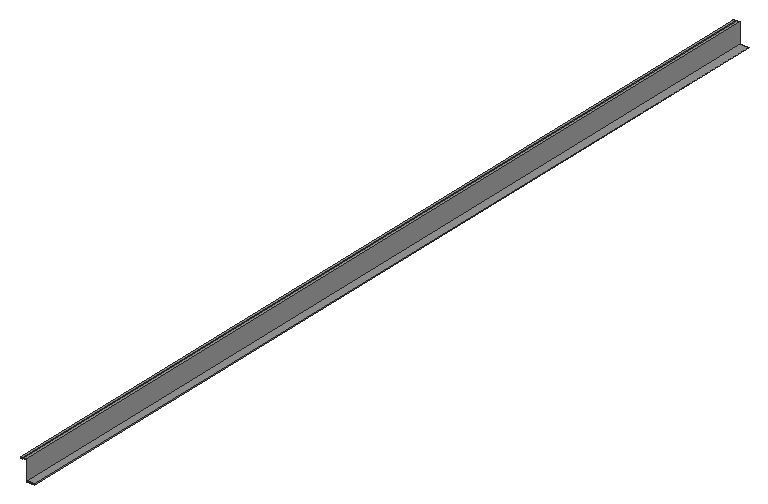
Revit family "Trennwand", category Generic Models, Revit 2017
Family settings
  Can host rebar = No
  Round Connector Dimension = Use Diameter
  Part Type = Normal
  Work Plane-Based = No
  Always vertical = Yes
  Cut with Voids When Loaded = No
  Shared = No
  Room Calculation Point = No
Parameters (values of type "LKM TWS45")
  URL = "http://www.obo-bettermann.com"
  Material = Strip-galvanised
  Manufacturer Art.No. = "6249871"
  Manufacturer = "OBO Bettermann"
  Length = 2000 mm
  Height = 45 mm
  GTIN = "4012196678006"
  Article Type = "LKM TWS45"
Types (3, lengths in mm): name | Manufacturer Art.No. | Height | GTIN | Article Type
  (no name) | "6249871" | 45 | "4012196678006" | "LKM TWS45"
  LKM TWS45 | "6249871" | 45 | "4012196678006" | "LKM TWS45"
  LKM TWS55 | "6249876" | 55 | "4012196644896" | "LKM TWS55"
Reference planes
  plane 1 "Center (Front/Back)": y = 0
  plane 2: z = 0
  plane 3 "Center (Left/Right)": x = 0
  plane 4: y = -2000
Forms (mm)
  Extrusion 1, solid, material "Strip-galvanised" <- "Material"
    sketch origin (0, 0, 0) x (1, 0, 0) y (0, 0, 1)
      loop
        line (19, 0) -> (19, 0.983) -> (1, 0.983) -> (1, 45) -> (-13, 45)
        arc (-13, 45) -> (-14, 44) -> (-13, 43) r 1
        line (-13, 43) -> (-8.46, 43) -> (-8.46, 44) -> (0, 44) -> (0, 0) -> (19, 0)
    from 0 to 2000
Dimensions and locks
  locked: Extrusion 1 sketch curve to Extrusion 1 sketch curve at 19
  "Height": Extrusion 1 sketch curve to level
  locked: Extrusion 1 sketch curve to Extrusion 1 sketch curve at 1
  locked: Extrusion 1 sketch curve to Extrusion 1 sketch curve at 2
  locked: Extrusion 1 sketch curve to plane 3 "Center (Left/Right)" at 1
  locked: Extrusion 1 sketch curve to Extrusion 1 sketch curve at 0.983
  locked: Extrusion 1 sketch curve to Extrusion 1 sketch curve at 15
  locked: Extrusion 1 sketch curve to Extrusion 1 sketch curve at 5.54
  "Length": plane 4 to plane 1 "Center (Front/Back)"
  aligned and locked: level to plane 2
  aligned and locked: Extrusion 1 to plane 1 "Center (Front/Back)"
  aligned and locked: Extrusion 1 to plane 4
Automatic sketch dimensions
  Extrusion 1 sketch curve to level = 0 mm
  Extrusion 1 sketch curve to plane 3 "Center (Left/Right)" = 0 mm
